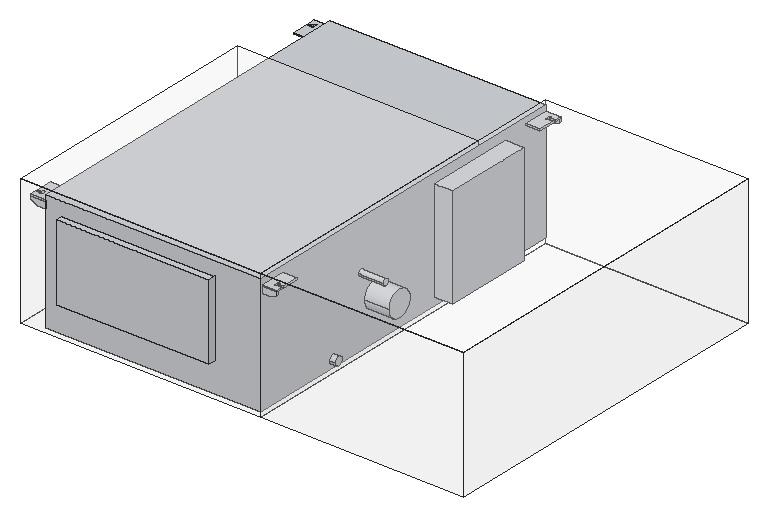
Revit family "ge-p1080_2100mg7_50Hz", category 機械設備, Revit 2019
Family settings
  丸型コネクタ寸法 = 直径を使用
  パーツ タイプ = 標準
  OmniClass 番号 = 23.75.10.24.21.27.27
  OmniClass タイトル = Split System Air Conditioning Units
  作業面ベース = いいえ
  常に垂直 = はい
  ロード時にボイドで切り取り = いいえ
  共有 = いいえ
  部屋計算ポイント = はい
Parameters (values of type "GE-P1080MG9")
  風量 = 1080.0 m³/h
  音響パワーレベル(dB) = 63
  電源種別 = ""
  電圧_電気ヒーター = 0 V
  電圧 = 200 V
  電動機出力_送風機 = 200 W
  運転質量 = 0.00 kg
  連動 = ""
  質量 = if(製品質量 > 運転質量, 製品質量, 運転質量) * 1.2  # 116.40 kg
  負荷分類 = 10_ファンコイル類
  説明 = "ビル用マルチエアコン 室内ユニット 天井埋込外気処理"
  設計暖房能力 [instance] = 0 kW
  設計冷房能力_顕熱 [instance] = 0 kW
  設計冷房能力 [instance] = 0 kW
  設置方法 = "天井吊形"
  記号 [instance] = ""
  製造元 = "三菱電機株式会社"
  製品質量 = 97.00 kg
  製品出荷対象 = "国内"
  製品リリース年月 = "2022年9月15日"
  製品グループ = ""
  給気量 = 0.0 m³/h
  系統 [instance] = ""
  符号 = "ACP-CIO"
  積算_科目 = "1 空気調和設備"
  積算_拾い区分 [instance] = ""
  相_電気ヒーター = 1
  相 = 1
  盤記号 [instance] = ""
  発停方法 = ""
  特殊仕様 [instance] = ""
  火災停止 = ""
  消費電力_電気ヒーター = 0 W
  消費電力_暖房 = 240 W
  消費電力_加湿器 = 0 W
  消費電力_冷房 = 240 W
  消費電力 = if(消費電力_冷房 > 消費電力_暖房, 消費電力_冷房, 消費電力_暖房) + 消費電力_加湿器 + 消費電力_電気ヒーター  # 240 W
  法定耐用年数 = "15"
  機外静圧 = 210.0 Pa
  極数 = 1
  材質 [instance] = ""
  本体マテリアル = none
  有効加湿量 = 8.3
  暖房能力 = 13.7 kW
  排気量 = 0.0 m³/h
  形式_加湿器 = ""
  形式 = "外気処理エアコン(天井吊形)"
  幹線記号 [instance] = ""
  始動方式 = "直入"
  外気量 = 0.0 m³/h
  呼称 = "室内機_外気処理エアコン(天井吊形)"
  周波数 = 50 Hz
  台数_手元リモコン [instance] = ""
  台数_冷媒分岐ユニット [instance] = ""
  参照している仕様書等のバージョン = "公共建築工事標準仕様書（機械設備工事編）平成31年度版"
  加湿給水管径 = 21.70 mm
  分類コード = "50053003221160"
  分類グループ = ""
  冷房能力 = 14 kW
  冷媒高低圧ガス管径 = 0.00 mm
  冷媒管径符号 = "Bd"
  冷媒管径 = 100.00 mm
  冷媒液管径 = 9.52 mm
  冷媒ガス管径 = 15.88 mm
  企業コード = "108420"
  付属品_フィルター = ""
  付属品 [instance] = ""
  仕様書バージョン = "Version1.0"
  モデル = "GE-P1080MG9"
  ドレン管径 = 32.00 mm
  ダクト2高 = 400 mm
  ダクト2幅 = 700 mm
  ダクト1高 = 300 mm
  ダクト1幅 = 600 mm
  コメント [instance] = ""
  Keynote = ""
  エンタルピ交換効率_暖房 [instance] = 0.00%
  エンタルピ交換効率_冷房 [instance] = 0.00%
  j = 25 mm  # constant formula
  h = 25 mm  # constant formula
  Width = 850 mm
  Version = ""
  Uniclass2015Version = "Systems v1.9"
  Uniclass2015Title = "Split coil remote air cooled condensing units"
  Uniclass2015Code = "Pr_70_65_03_84"
  URL = "https://www.mitsubishielectric.co.jp/ldg/wink/ssl/displayProduct.do?pid=317111"
  SpecificationReference = ""
  SpecificationDescription = ""
  Revision = ""
  ProductInformation = ""
  OmniClassCode = "23-33 17 13 11"
  L = 950 mm
  IfcTypeProduct = ""
  IfcProduct = ""
  IfcExportType = "AIRCONDITIONINGUNIT"
  IfcExportAs = "IfcUnitaryEquipmentType"
  Height = 470 mm
  Depth = 1400 mm
  Author = "三菱電機株式会社"
Types (3, lengths in mm): name | 風量 | 音響パワーレベル(dB) | 電動機出力_送風機 | 質量 | 製品質量 | 消費電力_暖房 | 消費電力_冷房 | 消費電力 | 機外静圧 | 有効加湿量 | 暖房能力 | 冷房能力 | 冷媒管径符号 | 冷媒ガス管径 | モデル | ダクト2幅 | ダクト1幅 | Width | URL | L
  GE-P1080MG9 | 1080.0 m³/h | 63 | 200 W | 116.40 kg | 97.00 kg | 240 W | 240 W | 240 W | 210.0 Pa | 8.3 | 13.7 kW | 14 kW | "Bd" | 15.88 | "GE-P1080MG9" | 700 | 600 | 850 | "https://www.mitsubishielectric.co.jp/ldg/wink/ssl/displayProduct.do?pid=317111" | 950
  GE-P1680MG9 | 1680.0 m³/h | 67 | 400 W | 136.80 kg | 114.00 kg | 420 W | 420 W | 420 W | 210.0 Pa | 13 | 21.2 kW | 22.4 kW | "Be" | 19.05 | "GE-P1680MG9" | 1100 | 1000 | 1250 | "https://www.mitsubishielectric.co.jp/ldg/wink/ssl/displayProduct.do?pid=317112" | 1350
  GE-P2100MG9 | 2100.0 m³/h | 71 | 400 W | 145.20 kg | 121.00 kg | 490 W | 490 W | 490 W | 170.0 Pa | 16.2 | 26.5 kW | 28 kW | "Bf" | 22.20 | "GE-P2100MG9" | 1100 | 1000 | 1250 | "https://www.mitsubishielectric.co.jp/ldg/wink/ssl/displayProduct.do?pid=317113" | 1350
Reference planes
  plane 1 "中心(正面/背面)": y = 0
  plane 2: z = 0
  plane 3 "中心(左/右)": x = 0
  plane 4 "左": x = -425
  plane 5 "右": x = 425
  plane 6 "正面": y = -700
  plane 7 "背面": y = 700
  plane 8: z = 470
  plane 9: z = 210
  plane 10: z = 153
  plane 11: z = 235
  plane 12: x = 625
  plane 13: x = -525
  plane 14: y = 370
  plane 15: y = -900
  plane 16: z = 490
  plane 17: z = -20
  plane 18: y = 725
  plane 19: y = -725
  plane 20: x = 1225
Lines and regions (mm)
  Masking region 1, detail levels coarse+medium
    outline origin (0, 0, 0) x (1, 0, 0) y (0, 1, 0)
      loop
        line (-425, 700) -> (-425, -700) -> (425, -700) -> (425, 700) -> (-425, 700)
  Masking region 2, detail levels coarse+medium
    outline origin (0, 0, 0) x (1, 0, 0) y (0, 1, 0)
      loop
        line (-425, 700) -> (-425, -700) -> (425, -700) -> (425, 700) -> (-425, 700)
  reference lines
    curve 1: line (0, 700, 0) -> (-425, 0, 0)
    curve 2: line (-425, 0, 0) -> (0, -700, 0)
    curve 3: line (425, 0, 0) -> (0, 700, 0)
    curve 4: line (0, -700, 0) -> (425, 0, 0)
  symbolic lines, detail levels coarse+medium
    curve 5: line (0, 700, 0) -> (-425, 0, 0)
    curve 6: line (-425, 0, 0) -> (0, -700, 0)
    curve 7: line (0, -700, 0) -> (425, 0, 0)
    curve 8: line (425, 0, 0) -> (0, 700, 0)
Dimensions and locks
  "Height": plane 8 to level
  equal spacing: plane 4 "左", plane 3 "中心(左/右)", plane 5 "右"
  "Width": plane 4 "左" to plane 5 "右"
  equal spacing: plane 6 "正面", plane 1 "中心(正面/背面)", plane 7 "背面"
  "Depth": plane 6 "正面" to plane 7 "背面"
  locked: plane 9 to level at 210
  locked: plane 10 to level at 153
  locked: plane 11 to level at 235
  locked: plane 16 to plane 8 at 20
  locked: plane 2 to plane 17 at 20
  locked: plane 6 "正面" to plane 14 at 1070
  "L": plane 13 to plane 5 "右"
  "h": plane 19 to plane 6 "正面"
  "j": plane 7 "背面" to plane 18
  locked: plane 12 to plane 20 at 600
  locked: plane 5 "右" to plane 20 at 800
  aligned and locked: level to plane 2
  aligned and locked: plane 6 "正面" to nested 2
  aligned and locked: plane 14 to nested 2
  aligned and locked: plane 16 to nested 3
  aligned and locked: plane 17 to nested 3
  aligned and locked: plane 16 to nested 2
  aligned and locked: plane 17 to nested 2
  aligned and locked: nested 1 to plane 1 "中心(正面/背面)"
  aligned and locked: plane 3 "中心(左/右)" to nested 1
  aligned and locked: plane 5 "右" to nested 2
  aligned and locked: plane 13 to nested 2
  aligned and locked: plane 7 "背面" to nested 3
  aligned and locked: plane 5 "右" to nested 3
  aligned and locked: plane 6 "正面" to nested 3
  aligned and locked: plane 20 to nested 3
Automatic sketch dimensions
  Masking region 1 sketch curve to plane 4 "左" = 0 mm
  Masking region 1 sketch curve to plane 5 "右" = 0 mm
  plane 6 "正面" to Masking region 1 sketch curve = 0 mm
  plane 7 "背面" to Masking region 1 sketch curve = 0 mm
  Masking region 2 sketch curve to plane 4 "左" = 0 mm
  Masking region 2 sketch curve to plane 5 "右" = 0 mm
  plane 6 "正面" to Masking region 2 sketch curve = 0 mm
  plane 7 "背面" to Masking region 2 sketch curve = 0 mm
  plane 1 "中心(正面/背面)" to curve 1 = 0 mm
  curve 1 to plane 4 "左" = 0 mm
  curve 2 to plane 3 "中心(左/右)" = 0 mm
  curve 3 to plane 3 "中心(左/右)" = 0 mm
  plane 1 "中心(正面/背面)" to curve 3 = 0 mm
  curve 3 to plane 5 "右" = 0 mm
  plane 6 "正面" to curve 2 = 0 mm
  plane 7 "背面" to curve 3 = 0 mm
  plane 1 "中心(正面/背面)" to curve 5 = 0 mm
  curve 5 to plane 4 "左" = 0 mm
  curve 6 to plane 3 "中心(左/右)" = 0 mm
  curve 8 to plane 3 "中心(左/右)" = 0 mm
  plane 1 "中心(正面/背面)" to curve 7 = 0 mm
  curve 7 to plane 5 "右" = 0 mm
  plane 6 "正面" to curve 6 = 0 mm
  plane 7 "背面" to curve 5 = 0 mm
Nested families
  nested 1: "GE-P-MG7" at (0, 0, 0) x (0, 1, 0) z (0, 0, 1), H <- "Height", 加湿器径 <- "加湿給水管径", D <- "Width", W <- "Depth", type "GE-P-MG7"
    with 配管径 100 mm, 液径 9.52 mm, 液W 96 mm, 液H 40 mm, 液D 100 mm, 吊りボルトW 1338 mm, 吊りボルトH 20 mm, 吊りボルトD 925 mm, 加湿器径 21.7 mm, 加湿器W 488 mm, 加湿器H 280 mm, 加湿器D 100 mm, ドレン径 32 mm, ドレンW 350 mm, ドレンH 35 mm, ドレンD 25 mm, ガス径 15.88 mm, ガスW 604 mm, ガスH 155 mm, ガスD 100 mm, W 1400 mm, J ダクトW 700 mm, J ダクトH 400 mm, H 470 mm, G ダクトW 600 mm, G ダクトH 300 mm, D 850 mm, C 985 mm
  nested 2: "サービススペース(GE-P-MG7)" at (-50, -165, 235), type "サービススペース(GE-P-MG7)"
    with Width 950 mm, Height 510 mm, Depth 1070 mm
  nested 3: "サービススペース(GE-P-MG7)" at (825, 0, 235), type "サービススペース(GE-P-MG7)"
    with Width 800 mm, Height 510 mm, Depth 1400 mm
Connectors
  hvac at (0, 725, 235), driven by "ダクト2高", driven by "ダクト2幅", driven by "機外静圧", driven by "外気量"
    settings: on nested 1, index 8, duct flow 0.0 m³/h, flow factor 0, pres drop 210.0 Pa, loss coef 0, conn angle 0.00°, conn width 700 mm, conn height 400 mm, conn diameter 609.6 mm, duct sys type 1, conn prof type 1, flow config 1, flow direction 1, loss method 4, conn ref index -1, conn util no, is conn primary yes, conn desc "OA"
  hvac at (-60, -725, 265), driven by "ダクト1高", driven by "ダクト1幅", driven by "機外静圧", driven by "給気量"
    settings: on nested 1, index 9, duct flow 0.0 m³/h, flow factor 0, pres drop 210.0 Pa, loss coef 0, conn angle 0.00°, conn width 600 mm, conn height 300 mm, conn diameter 609.6 mm, duct sys type 3, conn prof type 1, flow config 1, flow direction 2, loss method 4, conn ref index -1, conn util no, is conn primary no, conn desc "SA"
  electrical at (499.5, 324, 235), driven by "極数", driven by "負荷分類", driven by "電圧", driven by "消費電力"
    settings: on nested 1, index 10, voltage 200 V, apparent load 240 VA, apparent load phase1 0 VA, apparent load phase2 0 VA, apparent load phase3 0 VA, power factor 1, load classification "10_ファンコイル類", number of poles 1, system type 30, power factor state 1, is connector primary yes, connector utility no, sub classification motor no, connector description ""
  piping at (525, -144, 175), diameter 100, driven by "冷媒管径", driven by "冷媒管径符号"
    settings: on nested 1, index 11, connector inside diameter 609.60 mm, connector length 0 mm, flow factor 0, pipe flow 0.0 L/s, pressure drop 0.0 Pa, fitting loss kfactor 0, connector angle 0.00°, fixture units 0, engagement length 0 mm, angle of deflection 0.00°, flow configuration 1, flow direction 1, fitting loss method 4, system type 7, joint type 0, gender type 0, connector reference index -1, connector utility 0, adjustable connector no, is connector primary yes, connector description "Bd"
  piping at (450, -350, 35), diameter 32, driven by "ドレン管径"
    settings: on nested 1, index 12, connector inside diameter 609.60 mm, connector length 0 mm, flow factor 0, pipe flow 0.0 L/s, pressure drop 0.0 Pa, fitting loss kfactor 0, connector angle 0.00°, fixture units 0, engagement length 0 mm, angle of deflection 0.00°, flow configuration 1, flow direction 2, fitting loss method 4, system type 16, joint type 0, gender type 0, connector reference index -1, connector utility 0, adjustable connector no, is connector primary no, connector description ""
  piping at (525, -212, 280), diameter 21.7, driven by "加湿給水管径"
    settings: on nested 1, index 13, connector inside diameter 609.60 mm, connector length 0 mm, flow factor 0, pipe flow 0.0 L/s, pressure drop 0.0 Pa, fitting loss kfactor 0, connector angle 0.00°, fixture units 0, engagement length 0 mm, angle of deflection 0.00°, flow configuration 1, flow direction 1, fitting loss method 4, system type 20, joint type 0, gender type 0, connector reference index -1, connector utility 0, adjustable connector no, is connector primary no, connector description ""
Definition of nested family "GE-P-MG7"
  Parameters (values of type "GE-P-MG7")
    加湿器径 [instance] = 6.4 mm
    加湿器W [instance] = 488 mm  # constant formula
    加湿器H [instance] = 280 mm  # constant formula
    加湿器D [instance] = 100 mm  # constant formula
    液径 [instance] = 9.52 mm
    吊りボルトW [instance] = 1338 mm  # constant formula
    吊りボルトH [instance] = 20 mm  # constant formula
    吊りボルトD [instance] = if(D = 850 mm, 925 mm, 1325 mm)  # 925 mm
    配管径 [instance] = 100 mm  # constant formula
    液W [instance] = 96 mm  # constant formula
    液H [instance] = 40 mm  # constant formula
    液D [instance] = 100 mm  # constant formula
    ドレン径 [instance] = 32 mm
    ドレンW [instance] = 350 mm  # constant formula
    ドレンH [instance] = 35 mm  # constant formula
    ドレンD [instance] = 25 mm  # constant formula
    J ダクトW [instance] = if(D = 850 mm, 700 mm, 1100 mm)  # 700 mm
    J ダクトH [instance] = 400 mm  # constant formula
    ガス径 [instance] = 15.88 mm
    ガスW [instance] = 604 mm  # constant formula
    ガスH [instance] = 155 mm  # constant formula
    ガスD [instance] = 100 mm  # constant formula
    W [instance] = 1400 mm
    H [instance] = 470 mm
    G ダクトW [instance] = if(D = 850 mm, 600 mm, 1000 mm)  # 600 mm
    G ダクトH [instance] = 300 mm  # constant formula
    D [instance] = 850 mm
    C [instance] = if(D = 850 mm, 985 mm, 1385 mm)  # 985 mm
  Reference planes
    plane 1 "中心(正面/背面)": y = 0
    plane 2: z = 0
    plane 3 "中心(左/右)": x = 0
    plane 4: x = -700
    plane 5: x = 700
    plane 6: y = 425
    plane 7: y = -425
    plane 8: z = 470
    plane 9: y = 462.5
    plane 10: y = -462.5
    plane 11: x = -669
    plane 12: x = 669
    plane 13: y = 485.5
    plane 14: y = -485.5
    plane 15: x = -699
    plane 16: x = 699
    plane 17: x = 599
    plane 18: x = -599
    plane 19: z = 450
    plane 20: z = 420
    plane 21: z = 445
    plane 22: x = -694
    plane 23: x = 694
    plane 24: x = -350
    plane 25: x = -96
    plane 26: x = -192
    plane 27: y = -499.5
    plane 28: x = 499
    plane 29: x = 149
    plane 30: y = -450
    plane 31: z = 35
    plane 32: y = -525
    plane 33: z = 155
    plane 34: z = 195
    plane 35: x = -144
    plane 36: z = 175
    plane 37: x = -212
    plane 38: z = 280
    plane 39: x = 725
    plane 40: x = -725
    plane 41: y = -240
    plane 42: y = 360
    plane 43: z = 115
    plane 44: z = 415
    plane 45: y = 350
    plane 46: y = -350
    plane 47: z = 435
  Forms (mm)
    Extrusion 1, solid, detail levels fine
      sketch origin (0, 0, 0) x (1, 0, 0) y (0, 1, 0)
        loop
          line (-700, 425) -> (-700, -425) -> (700, -425) -> (700, 425) -> (-700, 425)
      from 0 to 470
    Extrusion 2, solid, detail levels fine
      sketch origin (0, 0, 0) x (1, 0, 0) y (0, 1, 0)
        loop
          line (-699, 485.5) -> (-699, 425) -> (-599, 425) -> (-599, 485.5) -> (-664, 485.5) -> (-664, 467.5)
          arc (-664, 467.5) -> (-659, 462.5) -> (-664, 457.5) r 5
          line (-664, 457.5) -> (-674, 457.5)
          arc (-674, 457.5) -> (-679, 462.5) -> (-674, 467.5) r 5
          line (-674, 467.5) -> (-674, 485.5) -> (-699, 485.5)
        loop
          line (599, 485.5) -> (599, 425) -> (699, 425) -> (699, 485.5) -> (674, 485.5) -> (674, 467.5)
          arc (674, 467.5) -> (679, 462.5) -> (674, 457.5) r 5
          line (674, 457.5) -> (664, 457.5)
          arc (664, 457.5) -> (659, 462.5) -> (664, 467.5) r 5
          line (664, 467.5) -> (664, 485.5) -> (599, 485.5)
        loop
          line (599, -485.5) -> (664, -485.5) -> (664, -467.5)
          arc (664, -467.5) -> (659, -462.5) -> (664, -457.5) r 5
          line (664, -457.5) -> (674, -457.5)
          arc (674, -457.5) -> (679, -462.5) -> (674, -467.5) r 5
          line (674, -467.5) -> (674, -485.5) -> (699, -485.5) -> (699, -425) -> (599, -425) -> (599, -485.5)
        loop
          line (-699, -485.5) -> (-674, -485.5) -> (-674, -467.5)
          arc (-674, -467.5) -> (-679, -462.5) -> (-674, -457.5) r 5
          line (-674, -457.5) -> (-664, -457.5)
          arc (-664, -457.5) -> (-659, -462.5) -> (-664, -467.5) r 5
          line (-664, -467.5) -> (-664, -485.5) -> (-599, -485.5) -> (-599, -425) -> (-699, -425) -> (-699, -485.5)
      from 445 to 450
    Extrusion 3, solid, detail levels fine
      sketch origin (0, 0, 0) x (0, 1, 0) y (0, 0, 1)
        loop
          line (425, 445) -> (425, 420) -> (455.25, 420) -> (485.5, 432.5) -> (485.5, 445) -> (425, 445)
        loop
          line (-485.5, 445) -> (-485.5, 432.5) -> (-455.25, 420) -> (-425, 420) -> (-425, 445) -> (-485.5, 445)
      from 694 to 699
    Extrusion 4, solid, detail levels fine
      sketch origin (0, 0, 0) x (0, 1, 0) y (0, 0, 1)
        loop
          line (-485.5, 432.5) -> (-455.25, 420) -> (-425, 420) -> (-425, 445) -> (-485.5, 445) -> (-485.5, 432.5)
        loop
          line (455.25, 420) -> (485.5, 432.5) -> (485.5, 445) -> (425, 445) -> (425, 420) -> (455.25, 420)
      from -699 to -694
    Extrusion 5, solid, detail levels fine
      sketch origin (0, 0, 0) x (1, 0, 0) y (0, 0, 1)
        loop
          circle (-350, 35) r 16
      from 425 to 450
    Extrusion 6, solid, detail levels fine
      sketch origin (0, 0, 0) x (1, 0, 0) y (0, 0, 1)
        loop
          circle (-144, 175) r 50
      from 425 to 525
    Extrusion 7, solid, detail levels fine
      sketch origin (0, 0, 0) x (1, 0, 0) y (0, 0, 1)
        loop
          circle (-212, 280) r 3.2
      from 425 to 525
    Extrusion 8, solid, detail levels fine
      sketch origin (0, 0, 0) x (0, 1, 0) y (0, 0, 1)
        loop
          line (360, 415) -> (-240, 415) -> (-240, 115) -> (360, 115) -> (360, 415)
      from -725 to -700
    Extrusion 9, solid, detail levels fine
      sketch origin (0, 0, 0) x (0, 1, 0) y (0, 0, 1)
        loop
          line (-350, 435) -> (-350, 35) -> (350, 35) -> (350, 435) -> (-350, 435)
      from 700 to 725
    Extrusion 10, solid, detail levels fine
      sketch origin (0, 0, 0) x (1, 0, 0) y (0, 0, 1)
        loop
          line (499, 435) -> (149, 435) -> (149, 35) -> (499, 35) -> (499, 435)
      from 425 to 499.5
  Dimensions and locks
    equal spacing: plane 7, plane 1 "中心(正面/背面)", plane 6
    "D": plane 7 to plane 6
    equal spacing: plane 4, plane 3 "中心(左/右)", plane 5
    "W": plane 4 to plane 5
    "H": plane 8 to level
    equal spacing: plane 10, plane 1 "中心(正面/背面)", plane 9
    "吊りボルトD": plane 10 to plane 9
    equal spacing: plane 11, plane 3 "中心(左/右)", plane 12
    "吊りボルトW": plane 11 to plane 12
    locked: plane 9 to plane 13 at 23
    locked: plane 14 to plane 10 at 23
    locked: plane 12 to plane 16 at 30
    locked: plane 15 to plane 11 at 30
    locked: plane 11 to plane 18 at 70
    locked: plane 17 to plane 12 at 70
    plane 8 to plane 19 to plane 20 = 20 mm locked, 30 mm locked
    locked: plane 23 to plane 16 at 5
    locked: plane 15 to plane 22 at 5
    locked: plane 19 to plane 21 at 5
    "ドレンW": plane 24 to plane 4
    "ガスW": plane 25 to plane 4
    "液W": plane 25 to plane 26
    "C": plane 27 to plane 13
    locked: plane 28 to plane 29 at 350
    plane 5 to plane 28 = 201 mm
    "ドレンD": plane 30 to plane 7
    "ドレンH": plane 31 to level
    "ガスD": plane 32 to plane 7
    "ガスH": plane 33 to level
    "液H": plane 34 to plane 33
    equal spacing: plane 25, plane 35, plane 26
    equal spacing: plane 34, plane 36, plane 33
    "加湿器W": plane 37 to plane 4
    "加湿器H": plane 38 to level
    locked: plane 40 to plane 4 at 25
    locked: plane 5 to plane 39 at 25
    locked: plane 7 to plane 41 at 185
    "G ダクトW": plane 41 to plane 42
    locked: plane 43 to level at 115
    "G ダクトH": plane 44 to plane 43
    equal spacing: plane 46, plane 1 "中心(正面/背面)", plane 45
    "J ダクトW": plane 46 to plane 45
    "J ダクトH": plane 47 to plane 31
    "ドレン径": diameter of Extrusion 5 sketch curve
    "配管径": diameter of Extrusion 6 sketch curve
    "加湿器径": diameter of Extrusion 7 sketch curve
    aligned and locked: level to plane 2
    aligned and locked: plane 6 to Extrusion 1 sketch curve
    aligned and locked: plane 4 to Extrusion 1 sketch curve
    aligned and locked: Extrusion 1 sketch curve to plane 7
    aligned and locked: Extrusion 1 sketch curve to plane 5
    aligned and locked: plane 8 to Extrusion 1
    aligned and locked: plane 13 to Extrusion 2 sketch curve  (x4)
    aligned and locked: plane 15 to Extrusion 2 sketch curve
    aligned and locked: Extrusion 2 sketch curve to plane 6  (x2)
    aligned and locked: Extrusion 2 sketch curve to plane 18
    aligned and locked: plane 17 to Extrusion 2 sketch curve
    aligned and locked: Extrusion 2 sketch curve to plane 16
    aligned and locked: plane 14 to Extrusion 2 sketch curve  (x4)
    aligned and locked: Extrusion 2 sketch curve to plane 17
    aligned and locked: Extrusion 2 sketch curve to plane 7  (x2)
    aligned and locked: plane 16 to Extrusion 2 sketch curve
    aligned and locked: Extrusion 2 sketch curve to plane 15
    aligned and locked: plane 18 to Extrusion 2 sketch curve
    aligned and locked: plane 9 to Extrusion 2 sketch curve  (x4)
    aligned and locked: plane 10 to Extrusion 2 sketch curve  (x4)
    aligned and locked: plane 19 to Extrusion 2
    aligned and locked: Extrusion 2 to plane 21
    aligned and locked: Extrusion 2 to Extrusion 3 sketch curve
    aligned and locked: Extrusion 3 sketch curve to Extrusion 2  (x3)
    aligned and locked: plane 20 to Extrusion 3 sketch curve  (x2)
    aligned and locked: plane 13 to Extrusion 3 sketch curve
    aligned and locked: plane 7 to Extrusion 3 sketch curve
    aligned and locked: plane 16 to Extrusion 3
    aligned and locked: Extrusion 3 to plane 23
    aligned and locked: Extrusion 4 sketch curve to Extrusion 3  (x10)
    aligned and locked: plane 22 to Extrusion 4
    aligned and locked: Extrusion 4 to plane 15
    aligned and locked: plane 31 to Extrusion 5 sketch curve
    aligned and locked: plane 24 to Extrusion 5 sketch curve
    aligned and locked: Extrusion 5 to plane 7
    aligned and locked: plane 30 to Extrusion 5
    aligned and locked: plane 35 to Extrusion 6 sketch curve
    aligned and locked: plane 36 to Extrusion 6 sketch curve
    aligned and locked: plane 32 to Extrusion 6
    aligned and locked: Extrusion 6 to plane 7
    aligned and locked: plane 37 to Extrusion 7 sketch curve
    aligned and locked: plane 38 to Extrusion 7 sketch curve
    aligned and locked: plane 32 to Extrusion 7
    aligned and locked: Extrusion 7 to plane 7
    aligned and locked: plane 44 to Extrusion 8 sketch curve
    aligned and locked: Extrusion 8 sketch curve to plane 42
    aligned and locked: Extrusion 8 sketch curve to plane 43
    aligned and locked: plane 41 to Extrusion 8 sketch curve
    aligned and locked: plane 4 to Extrusion 8
    aligned and locked: Extrusion 8 to plane 40
    aligned and locked: Extrusion 9 sketch curve to plane 47
    aligned and locked: Extrusion 9 sketch curve to plane 46
    aligned and locked: plane 31 to Extrusion 9 sketch curve
    aligned and locked: plane 45 to Extrusion 9 sketch curve
    aligned and locked: plane 39 to Extrusion 9
    aligned and locked: Extrusion 9 to plane 5
    aligned and locked: plane 47 to Extrusion 10 sketch curve
    aligned and locked: plane 28 to Extrusion 10 sketch curve
    aligned and locked: Extrusion 10 sketch curve to plane 31
    aligned and locked: Extrusion 10 sketch curve to plane 29
    aligned and locked: plane 27 to Extrusion 10
    aligned and locked: Extrusion 10 to plane 7
    aligned and locked: plane 10 to nested 1
    aligned and locked: plane 11 to nested 1
    aligned and locked: plane 12 to nested 1
    aligned and locked: nested 1 to plane 9
  Automatic sketch dimensions
    Extrusion 2 sketch curve to plane 11 = 5 mm  (x4)
    plane 11 to Extrusion 2 sketch curve = 5 mm  (x3)
    Extrusion 2 sketch curve to plane 12 = 5 mm  (x4)
    plane 12 to Extrusion 2 sketch curve = 5 mm  (x4)
    Extrusion 2 sketch curve to plane 10 = 5 mm
    plane 9 to Extrusion 2 sketch curve = 5 mm  (x2)
    Extrusion 2 sketch curve to Extrusion 2 sketch curve = 0 mm
    plane 10 to Extrusion 2 sketch curve = 5 mm
    plane 9 to Extrusion 3 sketch curve = 7.25 mm
    plane 20 to Extrusion 3 sketch curve = 12.5 mm
    Extrusion 3 sketch curve to plane 10 = 7.25 mm
    Extrusion 3 sketch curve to Extrusion 3 sketch curve = 12.5 mm
  Nested families
    nested 1: "固定点" at (-669, -462.5, 0), type "固定点", detail levels fine
      with W 1338 mm, D 925 mm
  Definition of nested family "固定点"
    Parameters (values of type "固定点")
      中心円 = 20 mm
      W [instance] = 1000 mm
      D [instance] = 1000 mm
    Reference planes
      plane 1 "中心(正面/背面)": y = 0
      plane 2: z = 0
      plane 3 "中心(左/右)": x = 0
      plane 4: x = 1000
      plane 5: y = 1000
    Lines and regions (mm)
      symbolic lines, detail levels fine
        curve 1: circle (0, 1000, 0) r 10 normal (0, 0, 1)
        curve 2: circle (0, 0, 0) r 10 normal (0, 0, 1)
        curve 3: circle (1000, 1000, 0) r 10 normal (0, 0, 1)
        curve 4: circle (1000, 0, 0) r 10 normal (0, 0, 1)
        curve 5: line (-200, 1000, 0) -> (1200, 1000, 0)
        curve 6: line (-200, 0, 0) -> (1200, 0, 0)
        curve 7: line (0, 1200, 0) -> (0, -200, 0)
        curve 8: line (1000, 1200, 0) -> (1000, -200, 0)
    Dimensions and locks
      "W": plane 3 "中心(左/右)" to plane 4
      "D": plane 1 "中心(正面/背面)" to plane 5
      "中心円": diameter of curve 1
      "中心円": diameter of curve 2
      "中心円": diameter of curve 3
      "中心円": diameter of curve 4
      aligned and locked: level to plane 2
      aligned and locked: plane 5 to curve 1
      aligned and locked: plane 3 "中心(左/右)" to curve 1
      aligned and locked: plane 3 "中心(左/右)" to curve 2
      aligned and locked: plane 1 "中心(正面/背面)" to curve 2
      aligned and locked: plane 4 to curve 3
      aligned and locked: plane 5 to curve 3
      aligned and locked: plane 1 "中心(正面/背面)" to curve 4
      aligned and locked: plane 4 to curve 4
      aligned and locked: plane 1 "中心(正面/背面)" to curve 6
      aligned and locked: curve 7 to plane 3 "中心(左/右)"
      aligned and locked: curve 8 to plane 4
    Automatic sketch dimensions
      curve 5 to plane 5 = 0 mm
      curve 6 to plane 3 "中心(左/右)" = 200 mm
      curve 5 to plane 3 "中心(左/右)" = 200 mm
      curve 4 to curve 6 = 200 mm
      curve 3 to curve 5 = 200 mm
      plane 1 "中心(正面/背面)" to curve 8 = 200 mm
      plane 1 "中心(正面/背面)" to curve 7 = 200 mm
      curve 3 to curve 8 = 200 mm
      curve 1 to curve 7 = 200 mm
Definition of nested family "サービススペース(GE-P-MG7)"
  Parameters (values of type "サービススペース")
    Width [instance] = 500 mm
    Height [instance] = 500 mm
    Depth [instance] = 500 mm
  Reference planes
    plane 1 "中心(正面/背面)": y = 0
    plane 2: z = 0
    plane 3 "中心(左/右)": x = 0
    plane 4: y = -250
    plane 5: x = 250
    plane 6: y = 250
    plane 7: x = -250
    plane 8: z = 250
    plane 9: z = -250
  Forms (mm)
    Extrusion 1, solid
      sketch origin (-638.939, 0, 72.39) x (1, 0, 0) y (0, 1, 0)
        loop
          line (388.939, 250) -> (388.939, -250) -> (888.939, -250) -> (888.939, 250) -> (388.939, 250)
      from -322.39 to 177.61
  Lines and regions (mm)
    symbolic lines
      curve 1: line (-250, 0, 250) -> (250, 0, 250)
      curve 2: line (-250, 0, -250) -> (-250, 0, 250)
      curve 3: line (250, 0, -250) -> (-250, 0, -250)
      curve 4: line (250, 0, 250) -> (250, 0, -250)
      curve 5: line (0, -250, 250) -> (0, 250, 250)
      curve 6: line (0, -250, -250) -> (0, -250, 250)
      curve 7: line (0, 250, -250) -> (0, -250, -250)
      curve 8: line (0, 250, 250) -> (0, 250, -250)
      curve 9: line (-250, 250, 0) -> (250, 250, 0)
      curve 10: line (-250, -250, 0) -> (-250, 250, 0)
      curve 11: line (250, -250, 0) -> (-250, -250, 0)
      curve 12: line (250, 250, 0) -> (250, -250, 0)
  Dimensions and locks
    equal spacing: plane 7, plane 3 "中心(左/右)", plane 5
    equal spacing: plane 4, plane 1 "中心(正面/背面)", plane 6
    "Depth": plane 4 to plane 6
    "Width": plane 7 to plane 5
    equal spacing: plane 8, plane 2, plane 9
    "Height": plane 8 to plane 9
    aligned and locked: plane 9 to curve 3
    aligned and locked: plane 7 to curve 2
    aligned and locked: curve 4 to plane 5
    aligned and locked: plane 5 to Extrusion 1
    aligned and locked: Extrusion 1 to plane 7
    aligned and locked: Extrusion 1 to plane 9
    aligned and locked: plane 8 to Extrusion 1
    aligned and locked: plane 9 to curve 7
  Automatic sketch dimensions
    plane 4 to Extrusion 1 sketch curve = 0 mm
    Extrusion 1 sketch curve to plane 7 = 0 mm
    Extrusion 1 sketch curve to plane 5 = 0 mm
    plane 6 to Extrusion 1 sketch curve = 0 mm
    curve 2 to plane 8 = 0 mm
    plane 4 to curve 11 = 0 mm
    curve 11 to plane 7 = 0 mm
    curve 11 to plane 5 = 0 mm
    plane 6 to curve 10 = 0 mm
    curve 7 to plane 4 = 0 mm
    curve 7 to plane 6 = 0 mm
    curve 6 to plane 8 = 0 mm
